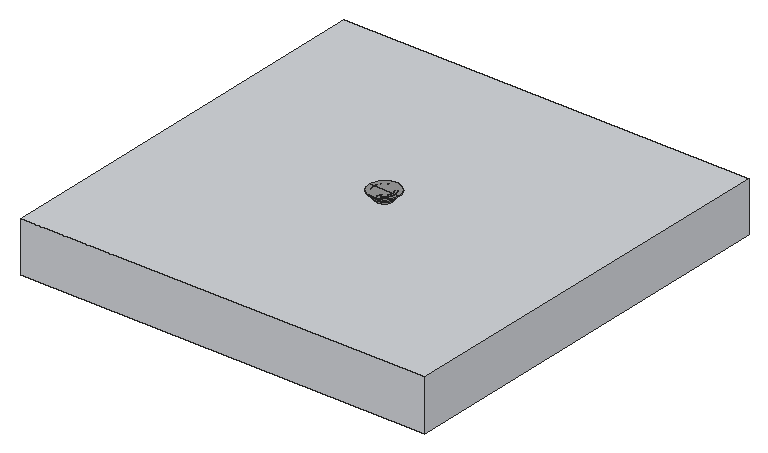
Revit family "LAMP_MUN DARK 180 SURFACE", category Modelos genéricos, Revit 2015 (continued)
Definition of nested family "Fotometria Mun Dark 180"
  Types (3, lengths in mm): name | built-in parameter 1150142 | built-in parameter 1150134 | built-in parameter 1150105 | built-in parameter 1150107 | built-in parameter 1150106 | Photometric Web File
    3000K | "IESNA:LM-63-1995\r\n[TEST] 10540110\r\n[DATE] 26-10-2016\r\n[MANUFAC] LAMP S.A.\r\n[LUMCAT] 10540110\r\n[LUMINAIRE] MUN DARK??180 NW WH.\r\n[LAMPCAT] 300mm de tira flexible LF06A-W3F-840 a 350mA\r\n[LAMP] \r\nTILT=NONE\r\n    1        45 1.00   37   36    1    1   0.400   0.180   0.047\r\n  1.0  1.0    2.0\r\n    0.0    5.0   10.0   15.0   20.0   25.0   30.0   35.0   40.0   45.0   50.0   55.0   60.0   65.0   70.0   75.0   80.0   85.0   90.0   95.0  100.0  105.0  110.0  115.0  120.0  125.0  130.0  135.0  140.0  145.0  150.0  155.0  160.0  165.0  170.0  175.0  180.0\r\n    0.0   10.0   20.0   30.0   40.0   50.0   60.0   70.0   80.0   90.0  100.0  110.0  120.0  130.0  140.0  150.0  160.0  170.0  180.0  190.0  200.0  210.0  220.0  230.0  240.0  250.0  260.0  270.0  280.0  290.0  300.0  310.0  320.0  330.0  340.0  350.0\r\n       9.1       8.9       8.4       7.9       7.8       7.8       7.8       7.7       7.6       7.5       7.3       7.0       6.6       6.2       5.7       5.2       4.6       4.1       3.5       3.1       2.3       1.1       0.6       0.4       0.4       0.3       0.3       0.3       0.3       0.1       0.0       0.0       0.0       0.0       0.0       0.0       0.0\r\n       9.1       8.9       8.4       7.9       7.8       7.8       7.8       7.7       7.6       7.5       7.3       7.0       6.6       6.2       5.7       5.2       4.6       4.1       3.5       3.1       2.3       1.1       0.5       0.4       0.4       0.3       0.3       0.3       0.3       0.1       0.0       0.0       0.0       0.0       0.0       0.0       0.0\r\n       9.1       8.9       8.4       7.9       7.8       7.8       7.8       7.7       7.6       7.5       7.3       7.0       6.6       6.2       5.7       5.2       4.6       4.1       3.5       3.1       2.3       1.1       0.6       0.4       0.4       0.3       0.3       0.3       0.3       0.1       0.0       0.0       0.0       0.0       0.0       0.0       0.0\r\n       9.1       8.9       8.4       7.9       7.8       7.8       7.8       7.7       7.6       7.5       7.3       7.0       6.6       6.2       5.7       5.2       4.6       4.1       3.5       3.1       2.3       1.1       0.6       0.4       0.4       0.3       0.3       0.3       0.3       0.1       0.0       0.0       0.0       0.0       0.0       0.0       0.0\r\n       9.1       8.9       8.4       7.9       7.8       7.8       7.8       7.7       7.6       7.5       7.3       7.0       6.6       6.2       5.7       5.2       4.7       4.1       3.6       3.1       2.3       1.1       0.6       0.4       0.4       0.3       0.3       0.3       0.3       0.1       0.0       0.0       0.0       0.0       0.0       0.0       0.0\r\n       9.1       8.9       8.4       7.9       7.8       7.8       7.8       7.7       7.6       7.5       7.3       7.0       6.6       6.2       5.7       5.2       4.7       4.1       3.6       3.1       2.3       1.1       0.6       0.4       0.4       0.3       0.3       0.3       0.3       0.1       0.0       0.0       0.0       0.0       0.0       0.0       0.0\r\n       9.1       8.9       8.4       7.9       7.8       7.8       7.8       7.7       7.6       7.5       7.3       7.0       6.6       6.2       5.7       5.2       4.6       4.1       3.5       3.1       2.3       1.1       0.6       0.4       0.4       0.3       0.3       0.3       0.3       0.1       0.0       0.0       0.0       0.0       0.0       0.0       0.0\r\n       9.1       8.9       8.4       7.9       7.8       7.8       7.8       7.7       7.6       7.5       7.3       7.0       6.6       6.2       5.7       5.2       4.6       4.1       3.5       3.1       2.3       1.1       0.6       0.4       0.4       0.3       0.3       0.3       0.3       0.1       0.0       0.0       0.0       0.0       0.0       0.0       0.0\r\n       9.1       8.9       8.4       7.9       7.8       7.8       7.8       7.7       7.6       7.5       7.3       7.0       6.6       6.2       5.7       5.2       4.6       4.1       3.5       3.1       2.3       1.1       0.5       0.4       0.4       0.3       0.3       0.3       0.3       0.1       0.0       0.0       0.0       0.0       0.0       0.0       0.0\r\n       9.1       8.9       8.4       7.9       7.8       7.8       7.8       7.7       7.6       7.5       7.3       7.0       6.6       6.2       5.7       5.2       4.6       4.1       3.5       3.1       2.3       1.1       0.6       0.4       0.4       0.3       0.3       0.3       0.3       0.1       0.0       0.0       0.0       0.0       0.0       0.0       0.0\r\n       9.1       8.9       8.4       7.9       7.8       7.8       7.8       7.7       7.6       7.5       7.3       7.0       6.6       6.2       5.7       5.2       4.6       4.1       3.5       3.1       2.3       1.1       0.5       0.4       0.4       0.3       0.3       0.3       0.3       0.1       0.0       0.0       0.0       0.0       0.0       0.0       0.0\r\n       9.1       8.9       8.4       7.9       7.8       7.8       7.8       7.7       7.6       7.5       7.3       7.0       6.6       6.2       5.7       5.2       4.6       4.1       3.5       3.1       2.3       1.1       0.6       0.4       0.4       0.3       0.3       0.3       0.3       0.1       0.0       0.0       0.0       0.0       0.0       0.0       0.0\r\n       9.1       8.9       8.4       7.9       7.8       7.8       7.8       7.7       7.6       7.5       7.3       7.0       6.6       6.2       5.7       5.2       4.6       4.1       3.5       3.1       2.3       1.1       0.6       0.4       0.4       0.3       0.3       0.3       0.3       0.1       0.0       0.0       0.0       0.0       0.0       0.0       0.0\r\n       9.1       8.9       8.4       7.9       7.8       7.8       7.8       7.7       7.6       7.5       7.3       7.0       6.6       6.2       5.7       5.2       4.7       4.1       3.6       3.1       2.3       1.1       0.6       0.4       0.4       0.3       0.3       0.3       0.3       0.1       0.0       0.0       0.0       0.0       0.0       0.0       0.0\r\n       9.1       8.9       8.4       7.9       7.8       7.8       7.8       7.7       7.6       7.5       7.3       7.0       6.6       6.2       5.7       5.2       4.7       4.1       3.6       3.1       2.3       1.1       0.6       0.4       0.4       0.3       0.3       0.3       0.3       0.1       0.0       0.0       0.0       0.0       0.0       0.0       0.0\r\n       9.1       8.9       8.4       7.9       7.8       7.8       7.8       7.7       7.6       7.5       7.3       7.0       6.6       6.2       5.7       5.2       4.6       4.1       3.5       3.1       2.3       1.1       0.6       0.4       0.4       0.3       0.3       0.3       0.3       0.1       0.0       0.0       0.0       0.0       0.0       0.0       0.0\r\n       9.1       8.9       8.4       7.9       7.8       7.8       7.8       7.7       7.6       7.5       7.3       7.0       6.6       6.2       5.7       5.2       4.6       4.1       3.5       3.1       2.3       1.1       0.6       0.4       0.4       0.3       0.3       0.3       0.3       0.1       0.0       0.0       0.0       0.0       0.0       0.0       0.0\r\n       9.1       8.9       8.4       7.9       7.8       7.8       7.8       7.7       7.6       7.5       7.3       7.0       6.6       6.2       5.7       5.2       4.6       4.1       3.5       3.1       2.3       1.1       0.5       0.4       0.4       0.3       0.3       0.3       0.3       0.1       0.0       0.0       0.0       0.0       0.0       0.0       0.0\r\n       9.1       8.9       8.4       7.9       7.8       7.8       7.8       7.7       7.6       7.5       7.3       7.0       6.6       6.2       5.7       5.2       4.6       4.1       3.5       3.1       2.3       1.1       0.6       0.4       0.4       0.3       0.3       0.3       0.3       0.1       0.0       0.0       0.0       0.0       0.0       0.0       0.0\r\n       9.1       8.9       8.4       7.9       7.8       7.8       7.8       7.7       7.6       7.5       7.3       7.0       6.6       6.2       5.7       5.2       4.6       4.1       3.5       3.1       2.3       1.1       0.5       0.4       0.4       0.3       0.3       0.3       0.3       0.1       0.0       0.0       0.0       0.0       0.0       0.0       0.0\r\n       9.1       8.9       8.4       7.9       7.8       7.8       7.8       7.7       7.6       7.5       7.3       7.0       6.6       6.2       5.7       5.2       4.6       4.1       3.5       3.1       2.3       1.1       0.6       0.4       0.4       0.3       0.3       0.3       0.3       0.1       0.0       0.0       0.0       0.0       0.0       0.0       0.0\r\n       9.1       8.9       8.4       7.9       7.8       7.8       7.8       7.7       7.6       7.5       7.3       7.0       6.6       6.2       5.7       5.2       4.6       4.1       3.5       3.1       2.3       1.1       0.6       0.4       0.4       0.3       0.3       0.3       0.3       0.1       0.0       0.0       0.0       0.0       0.0       0.0       0.0\r\n       9.1       8.9       8.4       7.9       7.8       7.8       7.8       7.7       7.6       7.5       7.3       7.0       6.6       6.2       5.7       5.2       4.7       4.1       3.6       3.1       2.3       1.1       0.6       0.4       0.4       0.3       0.3       0.3       0.3       0.1       0.0       0.0       0.0       0.0       0.0       0.0       0.0\r\n       9.1       8.9       8.4       7.9       7.8       7.8       7.8       7.7       7.6       7.5       7.3       7.0       6.6       6.2       5.7       5.2       4.7       4.1       3.6       3.1       2.3       1.1       0.6       0.4       0.4       0.3       0.3       0.3       0.3       0.1       0.0       0.0       0.0       0.0       0.0       0.0       0.0\r\n       9.1       8.9       8.4       7.9       7.8       7.8       7.8       7.7       7.6       7.5       7.3       7.0       6.6       6.2       5.7       5.2       4.6       4.1       3.5       3.1       2.3       1.1       0.6       0.4       0.4       0.3       0.3       0.3       0.3       0.1       0.0       0.0       0.0       0.0       0.0       0.0       0.0\r\n       9.1       8.9       8.4       7.9       7.8       7.8       7.8       7.7       7.6       7.5       7.3       7.0       6.6       6.2       5.7       5.2       4.6       4.1       3.5       3.1       2.3       1.1       0.6       0.4       0.4       0.3       0.3       0.3       0.3       0.1       0.0       0.0       0.0       0.0       0.0       0.0       0.0\r\n       9.1       8.9       8.4       7.9       7.8       7.8       7.8       7.7       7.6       7.5       7.3       7.0       6.6       6.2       5.7       5.2       4.6       4.1       3.5       3.1       2.3       1.1       0.5       0.4       0.4       0.3       0.3       0.3       0.3       0.1       0.0       0.0       0.0       0.0       0.0       0.0       0.0\r\n       9.1       8.9       8.4       7.9       7.8       7.8       7.8       7.7       7.6       7.5       7.3       7.0       6.6       6.2       5.7       5.2       4.6       4.1       3.5       3.1       2.3       1.1       0.6       0.4       0.4       0.3       0.3       0.3       0.3       0.1       0.0       0.0       0.0       0.0       0.0       0.0       0.0\r\n       9.1       8.9       8.4       7.9       7.8       7.8       7.8       7.7       7.6       7.5       7.3       7.0       6.6       6.2       5.7       5.2       4.6       4.1       3.5       3.1       2.3       1.1       0.5       0.4       0.4       0.3       0.3       0.3       0.3       0.1       0.0       0.0       0.0       0.0       0.0       0.0       0.0\r\n       9.1       8.9       8.4       7.9       7.8       7.8       7.8       7.7       7.6       7.5       7.3       7.0       6.6       6.2       5.7       5.2       4.6       4.1       3.5       3.1       2.3       1.1       0.6       0.4       0.4       0.3       0.3       0.3       0.3       0.1       0.0       0.0       0.0       0.0       0.0       0.0       0.0\r\n       9.1       8.9       8.4       7.9       7.8       7.8       7.8       7.7       7.6       7.5       7.3       7.0       6.6       6.2       5.7       5.2       4.6       4.1       3.5       3.1       2.3       1.1       0.6       0.4       0.4       0.3       0.3       0.3       0.3       0.1       0.0       0.0       0.0       0.0       0.0       0.0       0.0\r\n       9.1       8.9       8.4       7.9       7.8       7.8       7.8       7.7       7.6       7.5       7.3       7.0       6.6       6.2       5.7       5.2       4.7       4.1       3.6       3.1       2.3       1.1       0.6       0.4       0.4       0.3       0.3       0.3       0.3       0.1       0.0       0.0       0.0       0.0       0.0       0.0       0.0\r\n       9.1       8.9       8.4       7.9       7.8       7.8       7.8       7.7       7.6       7.5       7.3       7.0       6.6       6.2       5.7       5.2       4.7       4.1       3.6       3.1       2.3       1.1       0.6       0.4       0.4       0.3       0.3       0.3       0.3       0.1       0.0       0.0       0.0       0.0       0.0       0.0       0.0\r\n       9.1       8.9       8.4       7.9       7.8       7.8       7.8       7.7       7.6       7.5       7.3       7.0       6.6       6.2       5.7       5.2       4.6       4.1       3.5       3.1       2.3       1.1       0.6       0.4       0.4       0.3       0.3       0.3       0.3       0.1       0.0       0.0       0.0       0.0       0.0       0.0       0.0\r\n       9.1       8.9       8.4       7.9       7.8       7.8       7.8       7.7       7.6       7.5       7.3       7.0       6.6       6.2       5.7       5.2       4.6       4.1       3.5       3.1       2.3       1.1       0.6       0.4       0.4       0.3       0.3       0.3       0.3       0.1       0.0       0.0       0.0       0.0       0.0       0.0       0.0\r\n       9.1       8.9       8.4       7.9       7.8       7.8       7.8       7.7       7.6       7.5       7.3       7.0       6.6       6.2       5.7       5.2       4.6       4.1       3.5       3.1       2.3       1.1       0.5       0.4       0.4       0.3       0.3       0.3       0.3       0.1       0.0       0.0       0.0       0.0       0.0       0.0       0.0\r\n" | (empty or 0) | 16.178 (stored number, unit not read) | 3000 (stored number, unit not read) | 0.16178 (stored number, unit not read) | "10540110.IES"
    4000K | "IESNA:LM-63-1995\r\n[TEST] 10540120\r\n[DATE] 26-10-2016\r\n[MANUFAC] LAMP S.A.\r\n[LUMCAT] 10540120\r\n[LUMINAIRE] MUN DARK??120 NW WH.\r\n[LAMPCAT] 200mm de tira flexible LF06A-W3F-840 a 350mA\r\n[LAMP] \r\nTILT=NONE\r\n    1        30 1.00   37   36    1    1   0.400   0.180   0.047\r\n  1.0  1.0    2.0\r\n    0.0    5.0   10.0   15.0   20.0   25.0   30.0   35.0   40.0   45.0   50.0   55.0   60.0   65.0   70.0   75.0   80.0   85.0   90.0   95.0  100.0  105.0  110.0  115.0  120.0  125.0  130.0  135.0  140.0  145.0  150.0  155.0  160.0  165.0  170.0  175.0  180.0\r\n    0.0   10.0   20.0   30.0   40.0   50.0   60.0   70.0   80.0   90.0  100.0  110.0  120.0  130.0  140.0  150.0  160.0  170.0  180.0  190.0  200.0  210.0  220.0  230.0  240.0  250.0  260.0  270.0  280.0  290.0  300.0  310.0  320.0  330.0  340.0  350.0\r\n       6.1       6.0       5.6       5.3       5.2       5.2       5.2       5.2       5.1       5.0       4.8       4.6       4.4       4.1       3.8       3.5       3.1       2.7       2.4       2.1       1.5       0.8       0.4       0.3       0.2       0.2       0.2       0.2       0.2       0.0       0.0       0.0       0.0       0.0       0.0       0.0       0.0\r\n       6.1       6.0       5.6       5.3       5.2       5.2       5.2       5.2       5.1       5.0       4.8       4.6       4.4       4.1       3.8       3.5       3.1       2.7       2.4       2.1       1.5       0.8       0.4       0.3       0.2       0.2       0.2       0.2       0.2       0.0       0.0       0.0       0.0       0.0       0.0       0.0       0.0\r\n       6.1       6.0       5.6       5.3       5.2       5.2       5.2       5.2       5.1       5.0       4.8       4.6       4.4       4.1       3.8       3.5       3.1       2.7       2.4       2.1       1.5       0.8       0.4       0.3       0.2       0.2       0.2       0.2       0.2       0.0       0.0       0.0       0.0       0.0       0.0       0.0       0.0\r\n       6.1       6.0       5.6       5.3       5.2       5.2       5.2       5.2       5.1       5.0       4.8       4.6       4.4       4.1       3.8       3.5       3.1       2.7       2.4       2.1       1.5       0.8       0.4       0.3       0.2       0.2       0.2       0.2       0.2       0.0       0.0       0.0       0.0       0.0       0.0       0.0       0.0\r\n       6.1       6.0       5.6       5.3       5.2       5.2       5.2       5.2       5.1       5.0       4.8       4.7       4.4       4.1       3.8       3.5       3.1       2.7       2.4       2.1       1.5       0.8       0.4       0.3       0.2       0.2       0.2       0.2       0.2       0.0       0.0       0.0       0.0       0.0       0.0       0.0       0.0\r\n       6.1       6.0       5.6       5.3       5.2       5.2       5.2       5.2       5.1       5.0       4.8       4.7       4.4       4.1       3.8       3.5       3.1       2.7       2.4       2.1       1.5       0.8       0.4       0.3       0.2       0.2       0.2       0.2       0.2       0.0       0.0       0.0       0.0       0.0       0.0       0.0       0.0\r\n       6.1       6.0       5.6       5.3       5.2       5.2       5.2       5.2       5.1       5.0       4.8       4.6       4.4       4.1       3.8       3.5       3.1       2.7       2.4       2.1       1.5       0.8       0.4       0.3       0.2       0.2       0.2       0.2       0.2       0.0       0.0       0.0       0.0       0.0       0.0       0.0       0.0\r\n       6.1       6.0       5.6       5.3       5.2       5.2       5.2       5.2       5.1       5.0       4.8       4.6       4.4       4.1       3.8       3.5       3.1       2.7       2.4       2.1       1.5       0.8       0.4       0.3       0.2       0.2       0.2       0.2       0.2       0.0       0.0       0.0       0.0       0.0       0.0       0.0       0.0\r\n       6.1       6.0       5.6       5.3       5.2       5.2       5.2       5.2       5.1       5.0       4.8       4.6       4.4       4.1       3.8       3.5       3.1       2.7       2.4       2.1       1.5       0.8       0.4       0.3       0.2       0.2       0.2       0.2       0.2       0.0       0.0       0.0       0.0       0.0       0.0       0.0       0.0\r\n       6.1       6.0       5.6       5.3       5.2       5.2       5.2       5.2       5.1       5.0       4.8       4.6       4.4       4.1       3.8       3.5       3.1       2.7       2.4       2.1       1.5       0.8       0.4       0.3       0.2       0.2       0.2       0.2       0.2       0.0       0.0       0.0       0.0       0.0       0.0       0.0       0.0\r\n       6.1       6.0       5.6       5.3       5.2       5.2       5.2       5.2       5.1       5.0       4.8       4.6       4.4       4.1       3.8       3.5       3.1       2.7       2.4       2.1       1.5       0.8       0.4       0.3       0.2       0.2       0.2       0.2       0.2       0.0       0.0       0.0       0.0       0.0       0.0       0.0       0.0\r\n       6.1       6.0       5.6       5.3       5.2       5.2       5.2       5.2       5.1       5.0       4.8       4.6       4.4       4.1       3.8       3.5       3.1       2.7       2.4       2.1       1.5       0.8       0.4       0.3       0.2       0.2       0.2       0.2       0.2       0.0       0.0       0.0       0.0       0.0       0.0       0.0       0.0\r\n       6.1       6.0       5.6       5.3       5.2       5.2       5.2       5.2       5.1       5.0       4.8       4.6       4.4       4.1       3.8       3.5       3.1       2.7       2.4       2.1       1.5       0.8       0.4       0.3       0.2       0.2       0.2       0.2       0.2       0.0       0.0       0.0       0.0       0.0       0.0       0.0       0.0\r\n       6.1       6.0       5.6       5.3       5.2       5.2       5.2       5.2       5.1       5.0       4.8       4.7       4.4       4.1       3.8       3.5       3.1       2.7       2.4       2.1       1.5       0.8       0.4       0.3       0.2       0.2       0.2       0.2       0.2       0.0       0.0       0.0       0.0       0.0       0.0       0.0       0.0\r\n       6.1       6.0       5.6       5.3       5.2       5.2       5.2       5.2       5.1       5.0       4.8       4.7       4.4       4.1       3.8       3.5       3.1       2.7       2.4       2.1       1.5       0.8       0.4       0.3       0.2       0.2       0.2       0.2       0.2       0.0       0.0       0.0       0.0       0.0       0.0       0.0       0.0\r\n       6.1       6.0       5.6       5.3       5.2       5.2       5.2       5.2       5.1       5.0       4.8       4.6       4.4       4.1       3.8       3.5       3.1       2.7       2.4       2.1       1.5       0.8       0.4       0.3       0.2       0.2       0.2       0.2       0.2       0.0       0.0       0.0       0.0       0.0       0.0       0.0       0.0\r\n       6.1       6.0       5.6       5.3       5.2       5.2       5.2       5.2       5.1       5.0       4.8       4.6       4.4       4.1       3.8       3.5       3.1       2.7       2.4       2.1       1.5       0.8       0.4       0.3       0.2       0.2       0.2       0.2       0.2       0.0       0.0       0.0       0.0       0.0       0.0       0.0       0.0\r\n       6.1       6.0       5.6       5.3       5.2       5.2       5.2       5.2       5.1       5.0       4.8       4.6       4.4       4.1       3.8       3.5       3.1       2.7       2.4       2.1       1.5       0.8       0.4       0.3       0.2       0.2       0.2       0.2       0.2       0.0       0.0       0.0       0.0       0.0       0.0       0.0       0.0\r\n       6.1       6.0       5.6       5.3       5.2       5.2       5.2       5.2       5.1       5.0       4.8       4.6       4.4       4.1       3.8       3.5       3.1       2.7       2.4       2.1       1.5       0.8       0.4       0.3       0.2       0.2       0.2       0.2       0.2       0.0       0.0       0.0       0.0       0.0       0.0       0.0       0.0\r\n       6.1       6.0       5.6       5.3       5.2       5.2       5.2       5.2       5.1       5.0       4.8       4.6       4.4       4.1       3.8       3.5       3.1       2.7       2.4       2.1       1.5       0.8       0.4       0.3       0.2       0.2       0.2       0.2       0.2       0.0       0.0       0.0       0.0       0.0       0.0       0.0       0.0\r\n       6.1       6.0       5.6       5.3       5.2       5.2       5.2       5.2       5.1       5.0       4.8       4.6       4.4       4.1       3.8       3.5       3.1       2.7       2.4       2.1       1.5       0.8       0.4       0.3       0.2       0.2       0.2       0.2       0.2       0.0       0.0       0.0       0.0       0.0       0.0       0.0       0.0\r\n       6.1       6.0       5.6       5.3       5.2       5.2       5.2       5.2       5.1       5.0       4.8       4.6       4.4       4.1       3.8       3.5       3.1       2.7       2.4       2.1       1.5       0.8       0.4       0.3       0.2       0.2       0.2       0.2       0.2       0.0       0.0       0.0       0.0       0.0       0.0       0.0       0.0\r\n       6.1       6.0       5.6       5.3       5.2       5.2       5.2       5.2       5.1       5.0       4.8       4.7       4.4       4.1       3.8       3.5       3.1       2.7       2.4       2.1       1.5       0.8       0.4       0.3       0.2       0.2       0.2       0.2       0.2       0.0       0.0       0.0       0.0       0.0       0.0       0.0       0.0\r\n       6.1       6.0       5.6       5.3       5.2       5.2       5.2       5.2       5.1       5.0       4.8       4.7       4.4       4.1       3.8       3.5       3.1       2.7       2.4       2.1       1.5       0.8       0.4       0.3       0.2       0.2       0.2       0.2       0.2       0.0       0.0       0.0       0.0       0.0       0.0       0.0       0.0\r\n       6.1       6.0       5.6       5.3       5.2       5.2       5.2       5.2       5.1       5.0       4.8       4.6       4.4       4.1       3.8       3.5       3.1       2.7       2.4       2.1       1.5       0.8       0.4       0.3       0.2       0.2       0.2       0.2       0.2       0.0       0.0       0.0       0.0       0.0       0.0       0.0       0.0\r\n       6.1       6.0       5.6       5.3       5.2       5.2       5.2       5.2       5.1       5.0       4.8       4.6       4.4       4.1       3.8       3.5       3.1       2.7       2.4       2.1       1.5       0.8       0.4       0.3       0.2       0.2       0.2       0.2       0.2       0.0       0.0       0.0       0.0       0.0       0.0       0.0       0.0\r\n       6.1       6.0       5.6       5.3       5.2       5.2       5.2       5.2       5.1       5.0       4.8       4.6       4.4       4.1       3.8       3.5       3.1       2.7       2.4       2.1       1.5       0.8       0.4       0.3       0.2       0.2       0.2       0.2       0.2       0.0       0.0       0.0       0.0       0.0       0.0       0.0       0.0\r\n       6.1       6.0       5.6       5.3       5.2       5.2       5.2       5.2       5.1       5.0       4.8       4.6       4.4       4.1       3.8       3.5       3.1       2.7       2.4       2.1       1.5       0.8       0.4       0.3       0.2       0.2       0.2       0.2       0.2       0.0       0.0       0.0       0.0       0.0       0.0       0.0       0.0\r\n       6.1       6.0       5.6       5.3       5.2       5.2       5.2       5.2       5.1       5.0       4.8       4.6       4.4       4.1       3.8       3.5       3.1       2.7       2.4       2.1       1.5       0.8       0.4       0.3       0.2       0.2       0.2       0.2       0.2       0.0       0.0       0.0       0.0       0.0       0.0       0.0       0.0\r\n       6.1       6.0       5.6       5.3       5.2       5.2       5.2       5.2       5.1       5.0       4.8       4.6       4.4       4.1       3.8       3.5       3.1       2.7       2.4       2.1       1.5       0.8       0.4       0.3       0.2       0.2       0.2       0.2       0.2       0.0       0.0       0.0       0.0       0.0       0.0       0.0       0.0\r\n       6.1       6.0       5.6       5.3       5.2       5.2       5.2       5.2       5.1       5.0       4.8       4.6       4.4       4.1       3.8       3.5       3.1       2.7       2.4       2.1       1.5       0.8       0.4       0.3       0.2       0.2       0.2       0.2       0.2       0.0       0.0       0.0       0.0       0.0       0.0       0.0       0.0\r\n       6.1       6.0       5.6       5.3       5.2       5.2       5.2       5.2       5.1       5.0       4.8       4.7       4.4       4.1       3.8       3.5       3.1       2.7       2.4       2.1       1.5       0.8       0.4       0.3       0.2       0.2       0.2       0.2       0.2       0.0       0.0       0.0       0.0       0.0       0.0       0.0       0.0\r\n       6.1       6.0       5.6       5.3       5.2       5.2       5.2       5.2       5.1       5.0       4.8       4.7       4.4       4.1       3.8       3.5       3.1       2.7       2.4       2.1       1.5       0.8       0.4       0.3       0.2       0.2       0.2       0.2       0.2       0.0       0.0       0.0       0.0       0.0       0.0       0.0       0.0\r\n       6.1       6.0       5.6       5.3       5.2       5.2       5.2       5.2       5.1       5.0       4.8       4.6       4.4       4.1       3.8       3.5       3.1       2.7       2.4       2.1       1.5       0.8       0.4       0.3       0.2       0.2       0.2       0.2       0.2       0.0       0.0       0.0       0.0       0.0       0.0       0.0       0.0\r\n       6.1       6.0       5.6       5.3       5.2       5.2       5.2       5.2       5.1       5.0       4.8       4.6       4.4       4.1       3.8       3.5       3.1       2.7       2.4       2.1       1.5       0.8       0.4       0.3       0.2       0.2       0.2       0.2       0.2       0.0       0.0       0.0       0.0       0.0       0.0       0.0       0.0\r\n       6.1       6.0       5.6       5.3       5.2       5.2       5.2       5.2       5.1       5.0       4.8       4.6       4.4       4.1       3.8       3.5       3.1       2.7       2.4       2.1       1.5       0.8       0.4       0.3       0.2       0.2       0.2       0.2       0.2       0.0       0.0       0.0       0.0       0.0       0.0       0.0       0.0\r\n" | 12 | 16.267 (stored number, unit not read) | 4000 (stored number, unit not read) | 0.16267 (stored number, unit not read) | "10540120.IES"
  Reference planes
    plane 1 "Eje de origen de luz (F/P)": y = 0
    plane 2: z = 0
    plane 3 "Eje de origen de luz (I/D)": x = 0
    plane 4 "Elevación de origen de luz": z = 1400
  Dimensions and locks
    aligned and locked: plane 3 "Eje de origen de luz (I/D)" to imposter light
    aligned and locked: plane 1 "Eje de origen de luz (F/P)" to imposter light
    aligned and locked: plane 4 "Elevación de origen de luz" to imposter light
    aligned and locked: plane 2 to level
Types (4, lengths in mm): name | Product datasheet | Product code | Modelo | Material cuerpo | Material base | Initial color | Finish | Descripción
  45LM 4000 WHITE | "http://www.lamp.es/product-files/TECH/MD1180SF0120840NW-EN.pdf" | "MD1180SF0120840NW" | "MD1180SF0120840NW" | LAMP_Aluminio Mun Dark WH | LAMP_Aluminio base MunDark WH | 4000 K | "Texturised matte white" | "MUN DARK Ø180 NW WH."
  45LM 4000 GRAPHITE | "http://www.lamp.es/product-files/TECH/MD1180SF0120840NB-EN.pdf" | "MD1180SF0120840NB" | "MD1180SF0120840NB" | LAMP_Aluminio Mun Dark BL | LAMP_Aluminio base MunDark BL | 4000 K | "Texturised matte graphite" | "MUN DARK Ø180 NW GRH."
  45LM 3000 WHITE | "http://www.lamp.es/product-files/TECH/MD1180SF0120830NW-EN.pdf" | "MD1180SF0120830NW" | "MD1180SF0120830NW" | LAMP_Aluminio Mun Dark WH | LAMP_Aluminio base MunDark WH | 3000 K | "Texturised matte white" | "MUN DARK Ø180 WW WH."
  45LM 3000 GRAPHITE | "http://www.lamp.es/product-files/TECH/MD1180SF0120830NB-EN.pdf" | "MD1180SF0120830NB" | "MD1180SF0120830NB" | LAMP_Aluminio Mun Dark BL | LAMP_Aluminio base MunDark BL | 3000 K | "Texturised matte graphite" | "MUN DARK Ø180 WW GRH."
